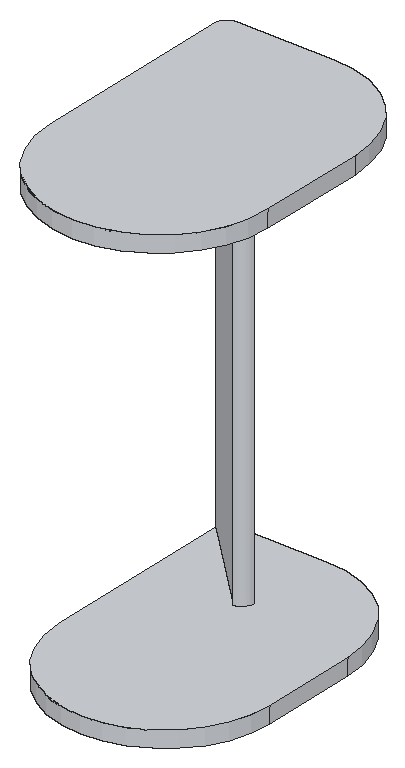
Revit family "Gohome_ClubLaptopSideTable_R19", category Furniture, Revit 2019
Family settings
  OmniClass Number = 23.40.20.00
  OmniClass Title = General Furniture and Specialties
  Work Plane-Based = No
  Always vertical = Yes
  Cut with Voids When Loaded = No
  Shared = No
  Room Calculation Point = No
Parameters (values of type "Club Laptop / Side Table")
  Width = 430 mm  # constant formula
  URL = "www.gohome.com.au"
  Table Material = none
  Model = "Club Laptop / Side Table"  # constant formula
  Manufacturer = "gohome"  # constant formula
  Height = 630 mm  # constant formula
  Designer = "Ben McCarthy"  # constant formula
  Depth = 290 mm  # constant formula
  Contact = "phone: +61 2 9565 5510 / email: sales@gohome.com.au"  # constant formula
Reference planes
  plane 1 "Center (Front/Back)": y = 0
  plane 2: z = 0
  plane 3 "Center (Left/Right)": x = 0
Forms (mm)
  Extrusion 1, solid, material <- "Table Material"
    sketch origin (0, 0, 0) x (1, 0, 0) y (0, 1, 0)
      loop
        arc (-145, -72.5) -> (0, -217.5) -> (145, -72.5) r 145
        line (145, -72.5) -> (145, 72.5)
        arc (145, 72.5) -> (102.53, 175.03) -> (0, 217.5) r 145
        line (0, 217.5) -> (-129, 217.5)
        arc (-129, 217.5) -> (-140.314, 212.814) -> (-145, 201.5) r 16
        line (-145, 201.5) -> (-145, -72.5)
    from 602 to 624
  Extrusion 2, solid, material <- "Table Material"
    sketch origin (0, 0, 0) x (1, 0, 0) y (0, 1, 0)
      loop
        arc (-145, -57.5) -> (-5, -197.5) -> (135, -57.5) r 140
        line (135, -57.5) -> (135, 72.5)
        arc (135, 72.5) -> (92.53, 175.03) -> (-10, 217.5) r 145
        line (-10, 217.5) -> (-129, 217.5)
        arc (-129, 217.5) -> (-140.314, 212.814) -> (-145, 201.5) r 16
        line (-145, 201.5) -> (-145, -57.5)
    from 0 to 22
  Extrusion 3, solid, material <- "Table Material"
    sketch origin (0, 0, 0) x (1, 0, 0) y (0, 1, 0)
      loop
        arc (-129.438, 217.494) -> (-140.314, 212.814) -> (-144.994, 201.938) r 16
        line (-144.994, 201.938) -> (-28.591, 85.534)
        arc (-28.591, 85.534) -> (-17.715, 90.215) -> (-13.034, 101.091) r 16
        line (-13.034, 101.091) -> (-129.438, 217.494)
    from 22 to 602
Cuts and joins
  joined: Extrusion 1, Extrusion 2, Extrusion 3
Dimensions and locks
  aligned and locked: level to plane 2
